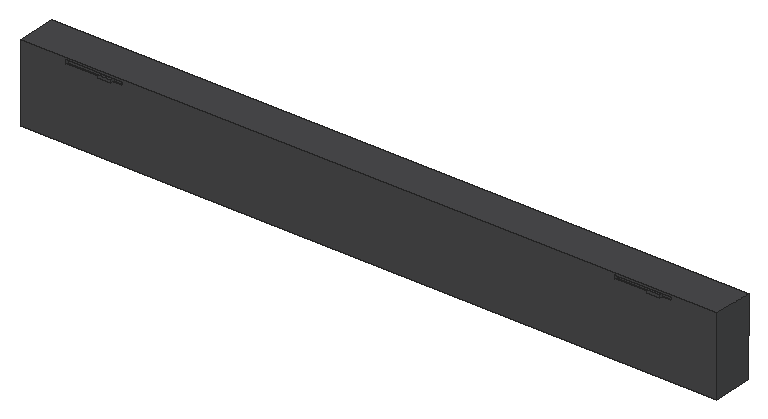
Revit family "STRIPE BLOCK CEILLING 646_DTSM30W6.2", category Luminarias, Revit 2019
Family settings
  Cota de conector redondo = Diámetro de uso
  Tipo de pieza = Normal
  Se basa en plano de trabajo = Sí
  Siempre vertical = Sí
  Corte con vacíos al cargar = No
  Origen de luz = Sí
  Compartido = No
  Punto de cálculo de habitación = No
Parameters (values of type "DOT BLOCK CEILLING 646_DTSM30W6.2")
  Ángulo de inclinación = 60.00°
  Zone [instance] = ""
  Watt per fixture = 30
  Wattage = 30 W
  built-in parameter 1150107 = 3000 (stored number, unit not read)
  built-in parameter 1150110 = 1 (stored number, unit not read)
  built-in parameter 1150109 = 1 (stored number, unit not read)
  built-in parameter 1150112 = 1 (stored number, unit not read)
  built-in parameter 1150113 = 1 (stored number, unit not read)
  built-in parameter 1114218 = 1 (stored number, unit not read)
  Keynote = ""
  built-in parameter 1150137 = (empty or 0)
  built-in parameter 1150132 = (empty or 0)
  Modelo = "DTSM30W6.2"
  Lámpara = "2835SMD SAMSUNG"
  built-in parameter 1150105 = 202.92 (stored number, unit not read)
  built-in parameter 1150102 = (empty or 0)
  built-in parameter 1150106 = 2.0292 (stored number, unit not read)
  Lumens = 2550 lm
  Color Filter = 16777215
  built-in parameter 1114217 = 1 (stored number, unit not read)
  built-in parameter 1150139 = (empty or 0)
  Fabricante = "BRILLANT"
  Default Elevation = 1219.2 mm
  built-in parameter 1150104 = 7.8968 (stored number, unit not read)
  Descripción = "LUMINARIA DOWNLIGHT EN FORMATO RECTANGULAR PARA SOBREPONER DIRECTO EN TECHO, CUERPO DE ALUMINIO ACABADO EN COLOR NEGRO, IP 20, PESO 1.32Kg, TIPO DE LED 2835SMD SAMSUNG CON 30W TOTAL, 2200 LUMENES, 85LM/W, IRC 90, TEMPERATURA EN BLANCO CALIDO 3000K, 50 MIL HORAS DE VIDA PROMEDIO, APERTURA DE 90 GRADOS POR STOCK, ALIMENTADO A 90-240V"
  built-in parameter 1150115 = 1 (stored number, unit not read)
  built-in parameter 1150114 = 1 (stored number, unit not read)
  Comentarios de vataje = "90-240V"
  built-in parameter 1150138 = (empty or 0)
  built-in parameter 1150134 = (empty or 0)
  Circuit [instance] = ""
  Dimming Lamp Color Temperature Shift = (empty or 0)
  Archivo de red fotométrica = "L646B-30W-830-B-90_IESNA95.IES"
  built-in parameter 1150133 = 10 (stored number, unit not read)
Reference planes
  plane 1 "Centro (Frontal/Posterior)": y = 0
  plane 2: z = 0
  plane 3 "Centro (Izquierda/Derecha)": x = 0
Forms (mm)
  Extrusion 1, solid, material "Default Form", not visible
    sketch origin (0, 0, 0) x (1, 0, 0) y (0, 0, 1)
      loop
        line (-473, 0) -> (-473, -72) -> (473, -72) -> (473, 0) -> (-473, 0)
    from -18.326 to 18.326
  Blend 2, void, not visible
    base sketch origin (-293.63, 0, 0) x (1, 0, 0) y (0, 1, 0)
      loop
        line (-162, 16.149) -> (-162, -16.149) -> (-144.14, -16.149) -> (-144.14, 16.149) -> (-162, 16.149)
    top sketch origin (-293.63, 0, 0) x (1, 0, 0) y (0, 1, 0)
      loop
        line (-160, 12.149) -> (-160, -12.149) -> (-146.14, -12.149) -> (-146.14, 12.149) -> (-160, 12.149)
    from -72 to -61.591
  Blend 3, void, not visible
    base sketch origin (-267.33, 0, 0) x (1, 0, 0) y (0, 1, 0)
      loop
        line (-162, 16.149) -> (-162, -16.149) -> (-144.14, -16.149) -> (-144.14, 16.149) -> (-162, 16.149)
    top sketch origin (-267.33, 0, 0) x (1, 0, 0) y (0, 1, 0)
      loop
        line (-160, 12.149) -> (-160, -12.149) -> (-146.14, -12.149) -> (-146.14, 12.149) -> (-160, 12.149)
    from -72 to -61.591
  Blend 4, void, not visible
    base sketch origin (-241.03, 0, 0) x (1, 0, 0) y (0, 1, 0)
      loop
        line (-162, 16.149) -> (-162, -16.149) -> (-144.14, -16.149) -> (-144.14, 16.149) -> (-162, 16.149)
    top sketch origin (-241.03, 0, 0) x (1, 0, 0) y (0, 1, 0)
      loop
        line (-160, 12.149) -> (-160, -12.149) -> (-146.14, -12.149) -> (-146.14, 12.149) -> (-160, 12.149)
    from -72 to -61.591
  Blend 5, void, not visible
    base sketch origin (-214.73, 0, 0) x (1, 0, 0) y (0, 1, 0)
      loop
        line (-162, 16.149) -> (-162, -16.149) -> (-144.14, -16.149) -> (-144.14, 16.149) -> (-162, 16.149)
    top sketch origin (-214.73, 0, 0) x (1, 0, 0) y (0, 1, 0)
      loop
        line (-160, 12.149) -> (-160, -12.149) -> (-146.14, -12.149) -> (-146.14, 12.149) -> (-160, 12.149)
    from -72 to -61.591
  Blend 6, void, not visible
    base sketch origin (-188.43, 0, 0) x (1, 0, 0) y (0, 1, 0)
      loop
        line (-162, 16.149) -> (-162, -16.149) -> (-144.14, -16.149) -> (-144.14, 16.149) -> (-162, 16.149)
    top sketch origin (-188.43, 0, 0) x (1, 0, 0) y (0, 1, 0)
      loop
        line (-160, 12.149) -> (-160, -12.149) -> (-146.14, -12.149) -> (-146.14, 12.149) -> (-160, 12.149)
    from -72 to -61.591
  Blend 7, void, not visible
    base sketch origin (-162.13, 0, 0) x (1, 0, 0) y (0, 1, 0)
      loop
        line (-162, 16.149) -> (-162, -16.149) -> (-144.14, -16.149) -> (-144.14, 16.149) -> (-162, 16.149)
    top sketch origin (-162.13, 0, 0) x (1, 0, 0) y (0, 1, 0)
      loop
        line (-160, 12.149) -> (-160, -12.149) -> (-146.14, -12.149) -> (-146.14, 12.149) -> (-160, 12.149)
    from -72 to -61.591
  Blend 8, void, not visible
    base sketch origin (-135.83, 0, 0) x (1, 0, 0) y (0, 1, 0)
      loop
        line (-162, 16.149) -> (-162, -16.149) -> (-144.14, -16.149) -> (-144.14, 16.149) -> (-162, 16.149)
    top sketch origin (-135.83, 0, 0) x (1, 0, 0) y (0, 1, 0)
      loop
        line (-160, 12.149) -> (-160, -12.149) -> (-146.14, -12.149) -> (-146.14, 12.149) -> (-160, 12.149)
    from -72 to -61.591
  Blend 9, void, not visible
    base sketch origin (-109.53, 0, 0) x (1, 0, 0) y (0, 1, 0)
      loop
        line (-162, 16.149) -> (-162, -16.149) -> (-144.14, -16.149) -> (-144.14, 16.149) -> (-162, 16.149)
    top sketch origin (-109.53, 0, 0) x (1, 0, 0) y (0, 1, 0)
      loop
        line (-160, 12.149) -> (-160, -12.149) -> (-146.14, -12.149) -> (-146.14, 12.149) -> (-160, 12.149)
    from -72 to -61.591
  Blend 10, void, not visible
    base sketch origin (-83.23, 0, 0) x (1, 0, 0) y (0, 1, 0)
      loop
        line (-162, 16.149) -> (-162, -16.149) -> (-144.14, -16.149) -> (-144.14, 16.149) -> (-162, 16.149)
    top sketch origin (-83.23, 0, 0) x (1, 0, 0) y (0, 1, 0)
      loop
        line (-160, 12.149) -> (-160, -12.149) -> (-146.14, -12.149) -> (-146.14, 12.149) -> (-160, 12.149)
    from -72 to -61.591
  Blend 11, void, not visible
    base sketch origin (-56.93, 0, 0) x (1, 0, 0) y (0, 1, 0)
      loop
        line (-162, 16.149) -> (-162, -16.149) -> (-144.14, -16.149) -> (-144.14, 16.149) -> (-162, 16.149)
    top sketch origin (-56.93, 0, 0) x (1, 0, 0) y (0, 1, 0)
      loop
        line (-160, 12.149) -> (-160, -12.149) -> (-146.14, -12.149) -> (-146.14, 12.149) -> (-160, 12.149)
    from -72 to -61.591
  Blend 12, void, not visible
    base sketch origin (-30.63, 0, 0) x (1, 0, 0) y (0, 1, 0)
      loop
        line (-162, 16.149) -> (-162, -16.149) -> (-144.14, -16.149) -> (-144.14, 16.149) -> (-162, 16.149)
    top sketch origin (-30.63, 0, 0) x (1, 0, 0) y (0, 1, 0)
      loop
        line (-160, 12.149) -> (-160, -12.149) -> (-146.14, -12.149) -> (-146.14, 12.149) -> (-160, 12.149)
    from -72 to -61.591
  Blend 13, void, not visible
    base sketch origin (-4.33, 0, 0) x (1, 0, 0) y (0, 1, 0)
      loop
        line (-162, 16.149) -> (-162, -16.149) -> (-144.14, -16.149) -> (-144.14, 16.149) -> (-162, 16.149)
    top sketch origin (-4.33, 0, 0) x (1, 0, 0) y (0, 1, 0)
      loop
        line (-160, 12.149) -> (-160, -12.149) -> (-146.14, -12.149) -> (-146.14, 12.149) -> (-160, 12.149)
    from -72 to -61.591
  Blend 14, void, not visible
    base sketch origin (21.97, 0, 0) x (1, 0, 0) y (0, 1, 0)
      loop
        line (-162, 16.149) -> (-162, -16.149) -> (-144.14, -16.149) -> (-144.14, 16.149) -> (-162, 16.149)
    top sketch origin (21.97, 0, 0) x (1, 0, 0) y (0, 1, 0)
      loop
        line (-160, 12.149) -> (-160, -12.149) -> (-146.14, -12.149) -> (-146.14, 12.149) -> (-160, 12.149)
    from -72 to -61.591
  Blend 15, void, not visible
    base sketch origin (48.27, 0, 0) x (1, 0, 0) y (0, 1, 0)
      loop
        line (-162, 16.149) -> (-162, -16.149) -> (-144.14, -16.149) -> (-144.14, 16.149) -> (-162, 16.149)
    top sketch origin (48.27, 0, 0) x (1, 0, 0) y (0, 1, 0)
      loop
        line (-160, 12.149) -> (-160, -12.149) -> (-146.14, -12.149) -> (-146.14, 12.149) -> (-160, 12.149)
    from -72 to -61.591
  Blend 16, void, not visible
    base sketch origin (74.57, 0, 0) x (1, 0, 0) y (0, 1, 0)
      loop
        line (-162, 16.149) -> (-162, -16.149) -> (-144.14, -16.149) -> (-144.14, 16.149) -> (-162, 16.149)
    top sketch origin (74.57, 0, 0) x (1, 0, 0) y (0, 1, 0)
      loop
        line (-160, 12.149) -> (-160, -12.149) -> (-146.14, -12.149) -> (-146.14, 12.149) -> (-160, 12.149)
    from -72 to -61.591
  Blend 17, void, not visible
    base sketch origin (100.87, 0, 0) x (1, 0, 0) y (0, 1, 0)
      loop
        line (-162, 16.149) -> (-162, -16.149) -> (-144.14, -16.149) -> (-144.14, 16.149) -> (-162, 16.149)
    top sketch origin (100.87, 0, 0) x (1, 0, 0) y (0, 1, 0)
      loop
        line (-160, 12.149) -> (-160, -12.149) -> (-146.14, -12.149) -> (-146.14, 12.149) -> (-160, 12.149)
    from -72 to -61.591
  Blend 18, void, not visible
    base sketch origin (127.17, 0, 0) x (1, 0, 0) y (0, 1, 0)
      loop
        line (-162, 16.149) -> (-162, -16.149) -> (-144.14, -16.149) -> (-144.14, 16.149) -> (-162, 16.149)
    top sketch origin (127.17, 0, 0) x (1, 0, 0) y (0, 1, 0)
      loop
        line (-160, 12.149) -> (-160, -12.149) -> (-146.14, -12.149) -> (-146.14, 12.149) -> (-160, 12.149)
    from -72 to -61.591
  Blend 19, void, not visible
    base sketch origin (153.47, 0, 0) x (1, 0, 0) y (0, 1, 0)
      loop
        line (-162, 16.149) -> (-162, -16.149) -> (-144.14, -16.149) -> (-144.14, 16.149) -> (-162, 16.149)
    top sketch origin (153.47, 0, 0) x (1, 0, 0) y (0, 1, 0)
      loop
        line (-160, 12.149) -> (-160, -12.149) -> (-146.14, -12.149) -> (-146.14, 12.149) -> (-160, 12.149)
    from -72 to -61.591
  Blend 20, void, not visible
    base sketch origin (179.77, 0, 0) x (1, 0, 0) y (0, 1, 0)
      loop
        line (-162, 16.149) -> (-162, -16.149) -> (-144.14, -16.149) -> (-144.14, 16.149) -> (-162, 16.149)
    top sketch origin (179.77, 0, 0) x (1, 0, 0) y (0, 1, 0)
      loop
        line (-160, 12.149) -> (-160, -12.149) -> (-146.14, -12.149) -> (-146.14, 12.149) -> (-160, 12.149)
    from -72 to -61.591
  Blend 21, void, not visible
    base sketch origin (206.07, 0, 0) x (1, 0, 0) y (0, 1, 0)
      loop
        line (-162, 16.149) -> (-162, -16.149) -> (-144.14, -16.149) -> (-144.14, 16.149) -> (-162, 16.149)
    top sketch origin (206.07, 0, 0) x (1, 0, 0) y (0, 1, 0)
      loop
        line (-160, 12.149) -> (-160, -12.149) -> (-146.14, -12.149) -> (-146.14, 12.149) -> (-160, 12.149)
    from -72 to -61.591
  Blend 22, void, not visible
    base sketch origin (232.37, 0, 0) x (1, 0, 0) y (0, 1, 0)
      loop
        line (-162, 16.149) -> (-162, -16.149) -> (-144.14, -16.149) -> (-144.14, 16.149) -> (-162, 16.149)
    top sketch origin (232.37, 0, 0) x (1, 0, 0) y (0, 1, 0)
      loop
        line (-160, 12.149) -> (-160, -12.149) -> (-146.14, -12.149) -> (-146.14, 12.149) -> (-160, 12.149)
    from -72 to -61.591
  Blend 23, void, not visible
    base sketch origin (258.67, 0, 0) x (1, 0, 0) y (0, 1, 0)
      loop
        line (-162, 16.149) -> (-162, -16.149) -> (-144.14, -16.149) -> (-144.14, 16.149) -> (-162, 16.149)
    top sketch origin (258.67, 0, 0) x (1, 0, 0) y (0, 1, 0)
      loop
        line (-160, 12.149) -> (-160, -12.149) -> (-146.14, -12.149) -> (-146.14, 12.149) -> (-160, 12.149)
    from -72 to -61.591
  Blend 24, void, not visible
    base sketch origin (284.97, 0, 0) x (1, 0, 0) y (0, 1, 0)
      loop
        line (-162, 16.149) -> (-162, -16.149) -> (-144.14, -16.149) -> (-144.14, 16.149) -> (-162, 16.149)
    top sketch origin (284.97, 0, 0) x (1, 0, 0) y (0, 1, 0)
      loop
        line (-160, 12.149) -> (-160, -12.149) -> (-146.14, -12.149) -> (-146.14, 12.149) -> (-160, 12.149)
    from -72 to -61.591
  Blend 25, void, not visible
    base sketch origin (311.27, 0, 0) x (1, 0, 0) y (0, 1, 0)
      loop
        line (-162, 16.149) -> (-162, -16.149) -> (-144.14, -16.149) -> (-144.14, 16.149) -> (-162, 16.149)
    top sketch origin (311.27, 0, 0) x (1, 0, 0) y (0, 1, 0)
      loop
        line (-160, 12.149) -> (-160, -12.149) -> (-146.14, -12.149) -> (-146.14, 12.149) -> (-160, 12.149)
    from -72 to -61.591
  Blend 26, void, not visible
    base sketch origin (337.57, 0, 0) x (1, 0, 0) y (0, 1, 0)
      loop
        line (-162, 16.149) -> (-162, -16.149) -> (-144.14, -16.149) -> (-144.14, 16.149) -> (-162, 16.149)
    top sketch origin (337.57, 0, 0) x (1, 0, 0) y (0, 1, 0)
      loop
        line (-160, 12.149) -> (-160, -12.149) -> (-146.14, -12.149) -> (-146.14, 12.149) -> (-160, 12.149)
    from -72 to -61.591
  Blend 27, void, not visible
    base sketch origin (363.87, 0, 0) x (1, 0, 0) y (0, 1, 0)
      loop
        line (-162, 16.149) -> (-162, -16.149) -> (-144.14, -16.149) -> (-144.14, 16.149) -> (-162, 16.149)
    top sketch origin (363.87, 0, 0) x (1, 0, 0) y (0, 1, 0)
      loop
        line (-160, 12.149) -> (-160, -12.149) -> (-146.14, -12.149) -> (-146.14, 12.149) -> (-160, 12.149)
    from -72 to -61.591
  Blend 28, void, not visible
    base sketch origin (390.17, 0, 0) x (1, 0, 0) y (0, 1, 0)
      loop
        line (-162, 16.149) -> (-162, -16.149) -> (-144.14, -16.149) -> (-144.14, 16.149) -> (-162, 16.149)
    top sketch origin (390.17, 0, 0) x (1, 0, 0) y (0, 1, 0)
      loop
        line (-160, 12.149) -> (-160, -12.149) -> (-146.14, -12.149) -> (-146.14, 12.149) -> (-160, 12.149)
    from -72 to -61.591
  Blend 29, void, not visible
    base sketch origin (416.47, 0, 0) x (1, 0, 0) y (0, 1, 0)
      loop
        line (-162, 16.149) -> (-162, -16.149) -> (-144.14, -16.149) -> (-144.14, 16.149) -> (-162, 16.149)
    top sketch origin (416.47, 0, 0) x (1, 0, 0) y (0, 1, 0)
      loop
        line (-160, 12.149) -> (-160, -12.149) -> (-146.14, -12.149) -> (-146.14, 12.149) -> (-160, 12.149)
    from -72 to -61.591
  Blend 30, void, not visible
    base sketch origin (442.77, 0, 0) x (1, 0, 0) y (0, 1, 0)
      loop
        line (-162, 16.149) -> (-162, -16.149) -> (-144.14, -16.149) -> (-144.14, 16.149) -> (-162, 16.149)
    top sketch origin (442.77, 0, 0) x (1, 0, 0) y (0, 1, 0)
      loop
        line (-160, 12.149) -> (-160, -12.149) -> (-146.14, -12.149) -> (-146.14, 12.149) -> (-160, 12.149)
    from -72 to -61.591
  Blend 31, void, not visible
    base sketch origin (469.07, 0, 0) x (1, 0, 0) y (0, 1, 0)
      loop
        line (-162, 16.149) -> (-162, -16.149) -> (-144.14, -16.149) -> (-144.14, 16.149) -> (-162, 16.149)
    top sketch origin (469.07, 0, 0) x (1, 0, 0) y (0, 1, 0)
      loop
        line (-160, 12.149) -> (-160, -12.149) -> (-146.14, -12.149) -> (-146.14, 12.149) -> (-160, 12.149)
    from -72 to -61.591
  Blend 32, void, not visible
    base sketch origin (495.37, 0, 0) x (1, 0, 0) y (0, 1, 0)
      loop
        line (-162, 16.149) -> (-162, -16.149) -> (-144.14, -16.149) -> (-144.14, 16.149) -> (-162, 16.149)
    top sketch origin (495.37, 0, 0) x (1, 0, 0) y (0, 1, 0)
      loop
        line (-160, 12.149) -> (-160, -12.149) -> (-146.14, -12.149) -> (-146.14, 12.149) -> (-160, 12.149)
    from -72 to -61.591
  Blend 33, void, not visible
    base sketch origin (521.67, 0, 0) x (1, 0, 0) y (0, 1, 0)
      loop
        line (-162, 16.149) -> (-162, -16.149) -> (-144.14, -16.149) -> (-144.14, 16.149) -> (-162, 16.149)
    top sketch origin (521.67, 0, 0) x (1, 0, 0) y (0, 1, 0)
      loop
        line (-160, 12.149) -> (-160, -12.149) -> (-146.14, -12.149) -> (-146.14, 12.149) -> (-160, 12.149)
    from -72 to -61.591
  Blend 34, void, not visible
    base sketch origin (547.97, 0, 0) x (1, 0, 0) y (0, 1, 0)
      loop
        line (-162, 16.149) -> (-162, -16.149) -> (-144.14, -16.149) -> (-144.14, 16.149) -> (-162, 16.149)
    top sketch origin (547.97, 0, 0) x (1, 0, 0) y (0, 1, 0)
      loop
        line (-160, 12.149) -> (-160, -12.149) -> (-146.14, -12.149) -> (-146.14, 12.149) -> (-160, 12.149)
    from -72 to -61.591
  Blend 35, void, not visible
    base sketch origin (574.27, 0, 0) x (1, 0, 0) y (0, 1, 0)
      loop
        line (-162, 16.149) -> (-162, -16.149) -> (-144.14, -16.149) -> (-144.14, 16.149) -> (-162, 16.149)
    top sketch origin (574.27, 0, 0) x (1, 0, 0) y (0, 1, 0)
      loop
        line (-160, 12.149) -> (-160, -12.149) -> (-146.14, -12.149) -> (-146.14, 12.149) -> (-160, 12.149)
    from -72 to -61.591
  Blend 36, void, not visible
    base sketch origin (600.57, 0, 0) x (1, 0, 0) y (0, 1, 0)
      loop
        line (-162, 16.149) -> (-162, -16.149) -> (-144.14, -16.149) -> (-144.14, 16.149) -> (-162, 16.149)
    top sketch origin (600.57, 0, 0) x (1, 0, 0) y (0, 1, 0)
      loop
        line (-160, 12.149) -> (-160, -12.149) -> (-146.14, -12.149) -> (-146.14, 12.149) -> (-160, 12.149)
    from -72 to -61.591
  Extrusion 37, solid, not visible
    sketch origin (-463.861, 0, 3.217) x (0, -1, 0) y (0, 0, -1)
      loop
        line (18.326, 3.217) -> (-18.326, 3.217) -> (-18.326, 73.917) -> (-32.183, 73.917) -> (-32.183, 72.617) -> (-19.626, 72.617) -> (-19.626, 1.917) -> (19.626, 1.917) -> (19.626, 72.617) -> (32.183, 72.617) -> (32.183, 73.917) -> (18.326, 73.917) -> (18.326, 3.217)
    from 89.098 to 128.24
  Extrusion 38, solid, not visible
    sketch origin (-246.523, 0, 3.217) x (0, -1, 0) y (0, 0, 1)
      loop
        line (-19.626, -1.917) -> (19.626, -1.917) -> (19.626, -63.89) -> (20.426, -63.89) -> (20.426, -1.117) -> (-20.426, -1.117) -> (-20.426, -63.89) -> (-19.626, -63.89) -> (-19.626, -1.917)
    from 122.954 to 124.098
  Extrusion 39, solid, not visible
    sketch origin (-463.861, 0, 3.217) x (0, -1, 0) y (0, 0, -1)
      loop
        line (-19.626, 1.917) -> (-19.626, 63.89) -> (-20.426, 63.89) -> (-20.426, 1.117) -> (20.426, 1.117) -> (20.426, 63.89) -> (19.626, 63.89) -> (19.626, 1.917) -> (-19.626, 1.917)
    from 122.954 to 124.098
  Extrusion 40, void, not visible
    sketch origin (0, 0, 0) x (1, 0, 0) y (0, 1, 0)
      loop
        circle (-363.799, -25.904) r 2.055
      loop
        circle (-346.585, -25.904) r 2.055
      loop
        circle (-363.799, 25.904) r 2.055
      loop
        circle (-346.585, 25.904) r 2.055
    from -70.7 to -69.4
  Extrusion 41, solid, material "Default Form"
    sketch origin (0, 0, 72) x (1, 0, 0) y (0, 0, -1)
      loop
        line (-323, 0) -> (323, 0) -> (323, 72) -> (-323, 72) -> (-323, 0)
    from -18.326 to 18.326
  Extrusion 42, void
    sketch origin (-158.75, 0, 0) x (1, 0, 0) y (0, 1, 0)
      loop
        line (-122.17, -18.326) -> (-69.57, -18.326) -> (-69.57, -16.149) -> (-122.17, -16.149) -> (-122.17, -18.326)
      loop
        line (-122.17, 18.326) -> (-122.17, 16.149) -> (-69.57, 16.149) -> (-69.57, 18.326) -> (-122.17, 18.326)
    from 66.852 to 70.535
  Extrusion 43, solid, material "Default Form"
    sketch origin (125, 0, 0) x (1, 0, 0) y (0, 1, 0)
      loop
        line (146.935, -16.149) -> (145.601, -16.149) -> (145.601, -18.326) -> (135.101, -18.326) -> (135.101, -20.238) -> (146.935, -20.238) -> (146.935, -16.149)
      loop
        line (146.935, 16.149) -> (146.935, 20.238) -> (135.101, 20.238) -> (135.101, 18.326) -> (145.601, 18.326) -> (145.601, 16.149) -> (146.935, 16.149)
      loop
        line (-362.305, -16.149) -> (-363.639, -16.149) -> (-363.639, -18.326) -> (-374.139, -18.326) -> (-374.139, -20.238) -> (-362.305, -20.238) -> (-362.305, -16.149)
      loop
        line (-362.305, 16.149) -> (-362.305, 20.238) -> (-374.139, 20.238) -> (-374.139, 18.326) -> (-363.639, 18.326) -> (-363.639, 16.149) -> (-362.305, 16.149)
    from 67.466 to 69.773
  Extrusion 44, void
    sketch origin (158.75, 0, 0) x (-1, 0, 0) y (0, -1, 0)
      loop
        line (-122.17, 18.326) -> (-122.17, 16.149) -> (-69.57, 16.149) -> (-69.57, 18.326) -> (-122.17, 18.326)
      loop
        line (-122.17, -18.326) -> (-69.57, -18.326) -> (-69.57, -16.149) -> (-122.17, -16.149) -> (-122.17, -18.326)
    from 66.852 to 70.535
  Blend 45, void
    base sketch origin (-83.23, 130.851, 72) x (1, 0, 0) y (0, 1, 0)
      loop
        line (-234.14, -147) -> (402.173, -147) -> (402.173, -114.702) -> (-234.14, -114.702) -> (-234.14, -147)
    top sketch origin (-83.23, 130.851, 72) x (1, 0, 0) y (0, 1, 0)
      loop
        line (-229.559, -143) -> (397.692, -143) -> (397.692, -118.702) -> (-229.559, -118.702) -> (-229.559, -143)
    from -72 to -61.591
Cuts and joins
  Extrusion 42, Extrusion 44, Blend 45 cuts Extrusion 41
  Extrusion 44 cuts Extrusion 43
Dimensions and locks
  cut or joined group of Extrusion 41, Extrusion 42, Extrusion 44, Blend 45 to cut or joined group of Extrusion 41, Extrusion 42, Extrusion 44, Blend 45 = 72 mm  (x2)
  cut or joined group of Extrusion 41, Extrusion 42, Extrusion 44, Blend 45 to cut or joined group of Extrusion 41, Extrusion 42, Extrusion 44, Blend 45 = 36.651 mm
  cut or joined group of Extrusion 41, Extrusion 42, Extrusion 44, Blend 45 to cut or joined group of Extrusion 41, Extrusion 42, Extrusion 44, Blend 45 = 646 mm
  cut or joined group of Extrusion 41, Extrusion 42, Extrusion 44, Blend 45 to cut or joined group of Extrusion 41, Extrusion 42, Extrusion 44, Blend 45 = 42.08 mm  (x2)
  aligned and locked: level to plane 2
Connectors
  electrical at (0, 0, 72)
    settings: on cut or joined group of Extrusion 41, Extrusion 42, Extrusion 44, Blend 45, index 1, voltage 0 V, apparent load 0 VA, apparent load phase1 0 VA, apparent load phase2 0 VA, apparent load phase3 0 VA, power factor 1, load classification "Otro", number of poles 1, system type 31, power factor state 1, is connector primary yes, connector utility no, sub classification motor no, connector description ""
